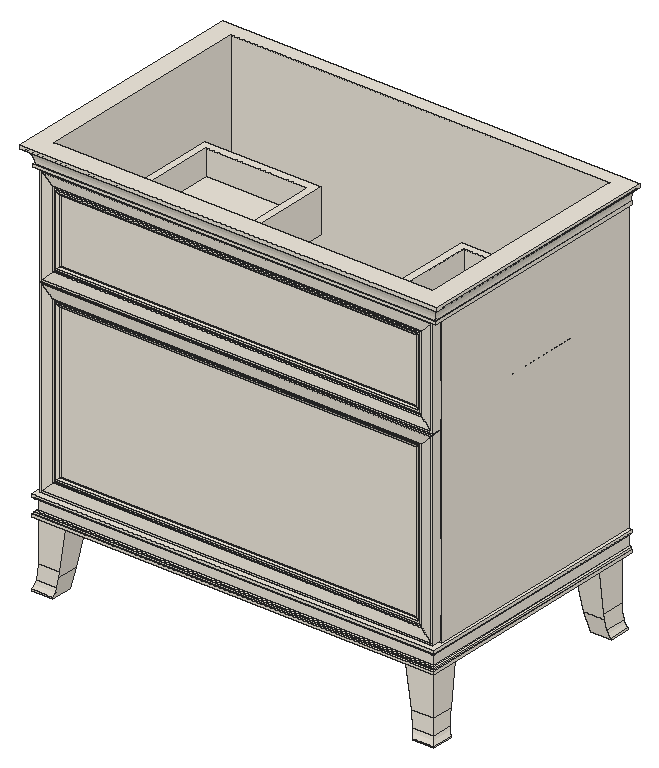
Revit family "Furniture-Floor_Mount-Vanity-KOHLER-HARKEN -K-33559", category Casework, host Face, Revit 2017
Family settings
  Host = Face
  OmniClass Number = 23.21.19.00
  OmniClass Title = Casework
  Cut with Voids When Loaded = No
  Shared = No
  Room Calculation Point = No
Parameters (values of type "1WA-Linen White")
  Width = 35.98425"  # constant formula
  WaterSense Certified = 1 = 0  # no
  URL = "https://www.us.kohler.com/us/"
  Type = 1
  Product Page URL = "http://www.us.kohler.com/us/catalog/productDetails.jsp?productId=33559-1WA"
  Product Name = "HARKEN"  # constant formula
  Product Documentation Link = "https://www.us.kohler.com/webassets/kpna/catalog/pdf/en/K-33559_spec.pdf"
  Model = if(Type = 1, "K-33559-1WA", if(Type = 2, "K-33559-1WX", "NA"))  # "K-33559-1WA"
  Material = "Solid Wood"  # constant formula
  Master Format 2014 Name = "Bathroom Casework"  # constant formula
  Master Format 2014 = "12 35 30.23"  # constant formula
  Manufacturer Address = "KOHLER Co.\n444 Highland Dr.\nKohler, WI 53044"  # constant formula
  Manufacturer = "KOHLER Co."  # constant formula
  Product Finish = Kohler-Wood-1WA-Linen_White
  Height = 34.48819"  # constant formula
  Hardware Included = 0 = 1  # no
  Finish = if(Type = 1, "Kohler-Wood-1WA-Linen White", if(Type = 2, "Kohler-Wood-1WX-New_Dark_Grey", "NA"))  # "Kohler-Wood-1WA-Linen White"
  Environmental Product Declaration = ""
  Description = "VANITY 36 INCHES"  # constant formula
  Depth = 21.88976"  # constant formula
  Default Elevation = 0"
  Declare Label = ""
  Date Modified = "02/17/2021"  # constant formula
  Date Created = "02/17/2021"  # constant formula
  Copyright = "Copyright KOHLER Co."  # constant formula
  Contact Us = "https://www.us.kohler.com/us/static/contact.jsp"
  Construction Type = "Floor Mount"  # constant formula
  Assembly Code = "E2010.30"
  ADA Compliant = 1 = 0  # no
Reference planes (in)
  plane 1 "Center (Front/Back)": y = 0
  plane 2: z = 0
  plane 3 "Center (Left/Right)": x = 0
  plane 4: y = 10.94488
  plane 5: y = -10.94488
  plane 6: z = 34.48819
  plane 7: x = -17.99213
  plane 8: x = 17.99213
  plane 9: z = 5.70844
  plane 10: x = -16.44882
  plane 11: x = 16.44882
  plane 12: y = 9.40157
  plane 13: y = -9.40157
Dimensions and locks (in)
  "Height": plane 6 to level
  "Width": plane 7 to plane 8
  "Depth": plane 5 to plane 4
  locked: plane 9 to level at 5.70844
  locked: plane 11 to plane 10 at 32.89764
  locked: plane 12 to plane 13 at 18.80315
  aligned and locked: plane 2 to host face
  aligned and locked: level to host face
Automatic sketch dimensions
  host sketch curve to host sketch curve = 96"  (x2)
Nested families (in)
  nested 1: "K-33559" at (0, 0, 0), type "K-33559"
Definition of nested family "K-33559"
  Parameters (values of type "K-33559")
    Material = none
  Reference planes (in)
    plane 1 "Center (Front/Back)": y = 0
    plane 2: z = 0
    plane 3 "Center (Left/Right)": x = 0
    plane 4: z = 34.48797
    plane 5: z = 5.70844
    plane 6: y = 10.94488
    plane 7: y = -10.94488
  Forms (in)
    Sweep 1, solid, material <- "Material", detail levels medium+fine
      path origin (0, 0, 0) x (1, 0, 0) y (0, 1, 0)
        loop
          line (-17.99213, 10.90551) -> (-17.99213, -10.94488) -> (17.99213, -10.94488) -> (17.99213, 10.90551)
      profile origin (0, -10.94488, 0) x (0, 1, 0) y (0, 0, 1)
        loop
          line (0, 34.48797) -> (0, 34.17301)
          arc (0, 34.17301) -> (0.55233, 33.64898) -> (0.74803, 32.91319) r 1.39763
          line (0.74803, 32.91319) -> (0.62992, 32.91319) -> (0.62992, 32.67697) -> (3.30709, 32.67697) -> (3.30709, 34.48797) -> (0, 34.48797)
        loop
          line (3.30709, 7.51946) -> (0.47244, 7.51946) -> (0.47244, 7.28324) -> (0.59059, 7.28324) -> (0.59059, 7.16513)
          arc (0.59059, 7.16513) -> (0.64106, 7.11349) -> (0.66929, 7.04702) r 0.19515
          line (0.66929, 7.04702) -> (0.78744, 7.04702) -> (0.78744, 6.18088) -> (0.66929, 6.18088)
          arc (0.66929, 6.18088) -> (0.6411, 6.11439) -> (0.59059, 6.06277) r 0.19455
          line (0.59059, 6.06277) -> (0.59059, 5.94466) -> (0.47244, 5.94466) -> (0.47244, 5.70844) -> (3.30709, 5.70844) -> (3.30709, 7.51946)
    Extrusion 2, solid, material <- "Material", detail levels medium+fine
      sketch origin (0, 0, 0) x (1, 0, 0) y (0, 0, 1)
        loop
          line (17.04724, 34.48797) -> (-17.04724, 34.48797) -> (-17.04724, 5.70844) -> (17.04724, 5.70844) -> (17.04724, 34.48797)
      from -10.90551 to 9.2126
    Extrusion 3, solid, material <- "Material", detail levels medium+fine
      sketch origin (0, 0, 0) x (1, 0, 0) y (0, 1, 0)
        loop
          line (17.4724, -10.71174) -> (17.4724, -7.56213) -> (14.51964, -7.56213) -> (14.51964, -10.71174) -> (17.4724, -10.71174)
      from 0 to 5.47244
    Extrusion 4, void
      sketch origin (0, 0, 0) x (0, 1, 0) y (0, 0, 1)
        loop
          arc (-10.15744, 2.07893) -> (-10.17814, 1.43081) -> (-10.24015, 0.78533) r 10.15706
          arc (-10.24015, 0.78533) -> (-10.32158, 0.43964) -> (-10.4724, 0.11812) r 1.71658
          line (-10.4724, 0.11812) -> (-10.4724, 0) -> (-8.66137, 0)
          arc (-8.66137, 0) -> (-8.47829, 0.78501) -> (-8.34234, 1.57954) r 13.51115
          line (-8.34234, 1.57954) -> (-7.79523, 5.47244) -> (-10.15744, 5.47244) -> (-10.15744, 2.07893)
        loop
          line (-11.03327, 6.20504) -> (-11.03327, -0.48788) -> (-7.09626, -0.48788) -> (-7.09626, 6.20504) -> (-11.03327, 6.20504)
      from -18.94195 to 21.82375
    Extrusion 5, solid, material <- "Material", detail levels medium+fine
      sketch origin (0, 0, 0) x (-1, 0, 0) y (0, -1, 0)
        loop
          line (17.4724, 10.71174) -> (14.51964, 10.71174) -> (14.51964, 7.56213) -> (17.4724, 7.56213) -> (17.4724, 10.71174)
      from 0 to 5.47244
    Extrusion 6, solid, material <- "Material", detail levels medium+fine
      sketch origin (0, 0, 0) x (-1, 0, 0) y (0, -1, 0)
        loop
          line (17.4724, -10.71174) -> (17.4724, -7.56213) -> (14.51964, -7.56213) -> (14.51964, -10.71174) -> (17.4724, -10.71174)
      from 0 to 5.47244
    Extrusion 7, solid, material <- "Material", detail levels medium+fine
      sketch origin (0, 0, 0) x (1, 0, 0) y (0, 1, 0)
        loop
          line (17.4724, 10.71174) -> (14.51964, 10.71174) -> (14.51964, 7.56213) -> (17.4724, 7.56213) -> (17.4724, 10.71174)
      from 0 to 5.47244
    Extrusion 8, void
      sketch origin (0, 0, 0) x (0, 1, 0) y (0, 0, 1)
        loop
          line (10.15744, 2.07893) -> (10.15744, 5.47244) -> (7.79523, 5.47244) -> (8.34234, 1.57954)
          arc (8.34234, 1.57954) -> (8.47829, 0.78501) -> (8.66137, 0) r 13.51115
          line (8.66137, 0) -> (10.4724, 0) -> (10.4724, 0.11812)
          arc (10.4724, 0.11812) -> (10.32158, 0.43964) -> (10.24015, 0.78533) r 1.71658
          arc (10.24015, 0.78533) -> (10.17814, 1.43081) -> (10.15744, 2.07893) r 10.15706
        loop
          line (11.03327, 6.20504) -> (7.09626, 6.20504) -> (7.09626, -0.48788) -> (11.03327, -0.48788) -> (11.03327, 6.20504)
      from -20.28395 to 19.95127
    Extrusion 9, void
      sketch origin (0, 0, 0) x (1, 0, 0) y (0, 0, 1)
        loop
          arc (-17.04728, 2.07893) -> (-17.06436, 1.43058) -> (-17.13, 0.78533) r 8.64397
          arc (-17.13, 0.78533) -> (-17.21331, 0.4403) -> (-17.36224, 0.11811) r 1.81328
          line (-17.36224, 0.11811) -> (-17.36224, 0) -> (-15.55122, 0)
          arc (-15.55122, 0) -> (-15.36814, 0.78501) -> (-15.23219, 1.57954) r 13.51115
          line (-15.23219, 1.57954) -> (-14.68508, 5.47244) -> (-17.04728, 5.47244) -> (-17.04728, 2.07893)
        loop
          line (-17.75632, 6.28511) -> (-17.75632, -0.60465) -> (-14.21302, -0.60465) -> (-14.21302, 6.28511) -> (-17.75632, 6.28511)
      from -11.76549 to 11.15024
    Extrusion 10, void
      sketch origin (0, 0, 0) x (1, 0, 0) y (0, 0, 1)
        loop
          line (17.04728, 2.07893) -> (17.04728, 5.47244) -> (14.68508, 5.47244) -> (15.23219, 1.57954)
          arc (15.23219, 1.57954) -> (15.36814, 0.78501) -> (15.55122, 0) r 13.51115
          line (15.55122, 0) -> (17.36224, 0) -> (17.36224, 0.11811)
          arc (17.36224, 0.11811) -> (17.21331, 0.4403) -> (17.13, 0.78533) r 1.81328
          arc (17.13, 0.78533) -> (17.06436, 1.43058) -> (17.04728, 2.07893) r 8.64397
        loop
          line (17.75632, 6.28511) -> (14.21302, 6.28511) -> (14.21302, -0.60465) -> (17.75632, -0.60465) -> (17.75632, 6.28511)
      from -11.76549 to 11.15024
    Extrusion 11, solid, material <- "Material", detail levels medium+fine
      sketch origin (0, 0, 0) x (1, 0, 0) y (0, 1, 0)
        loop
          line (-14.51395, -10.15744) -> (-12.84362, -8.48711)
          arc (-12.84362, -8.48711) -> (-12.78596, -8.34791) -> (-12.84362, -8.20872) r 0.19685
          line (-12.84362, -8.20872) -> (-15.09856, -5.95377)
          arc (-15.09856, -5.95377) -> (-15.23776, -5.89611) -> (-15.37695, -5.95377) r 0.19685
          line (-15.37695, -5.95377) -> (-17.04728, -7.6241) -> (-17.04728, -10.15744) -> (-14.51395, -10.15744)
        loop
          line (14.51395, -10.15744) -> (17.04728, -10.15744) -> (17.04728, -7.6241) -> (15.37695, -5.95377)
          arc (15.37695, -5.95377) -> (15.23776, -5.89611) -> (15.09856, -5.95377) r 0.19685
          line (15.09856, -5.95377) -> (12.84362, -8.20872)
          arc (12.84362, -8.20872) -> (12.78596, -8.34791) -> (12.84362, -8.48711) r 0.19685
          line (12.84362, -8.48711) -> (14.51395, -10.15744)
        loop
          line (14.51395, 10.15744) -> (12.84362, 8.48711)
          arc (12.84362, 8.48711) -> (12.78596, 8.34791) -> (12.84362, 8.20872) r 0.19685
          line (12.84362, 8.20872) -> (15.09856, 5.95377)
          arc (15.09856, 5.95377) -> (15.23776, 5.89611) -> (15.37695, 5.95377) r 0.19685
          line (15.37695, 5.95377) -> (17.04728, 7.6241) -> (17.04728, 10.15744) -> (14.51395, 10.15744)
        loop
          line (-14.51395, 10.15744) -> (-17.04728, 10.15744) -> (-17.04728, 7.6241) -> (-15.37695, 5.95377)
          arc (-15.37695, 5.95377) -> (-15.23776, 5.89611) -> (-15.09856, 5.95377) r 0.19685
          line (-15.09856, 5.95377) -> (-12.84362, 8.20872)
          arc (-12.84362, 8.20872) -> (-12.78596, 8.34791) -> (-12.84362, 8.48711) r 0.19685
          line (-12.84362, 8.48711) -> (-14.51395, 10.15744)
      from 5.47244 to 5.70844
    Sweep 12, solid, material <- "Material", detail levels medium+fine
      path origin (0, 0, 0) x (1, 0, 0) y (0, 0, 1)
        loop
          line (16.92924, 32.55897) -> (-16.92924, 32.55897) -> (-16.92924, 23.97629) -> (16.92924, 23.97629) -> (16.92924, 32.55897)
      profile origin (0, 0, 32.55897) x (0, 0, -1) y (0, -1, 0)
        loop
          line (0, 9.3306) -> (3.93701, 9.3306) -> (3.93701, 9.8026) -> (1.53561, 9.8026) -> (1.49606, 9.90146) -> (1.29921, 9.99989) -> (1.1811, 9.99989) -> (1.16142, 9.88178) -> (1.00394, 9.88178) -> (0.98425, 9.99989) -> (0.11811, 10.118) -> (0, 10.118) -> (0, 9.3306)
    Sweep 13, solid, material <- "Material", detail levels medium+fine
      path origin (0, 0, 0) x (1, 0, 0) y (0, 0, 1)
        loop
          line (16.92924, 23.85829) -> (-16.92924, 23.85829) -> (-16.92924, 7.63782) -> (16.92924, 7.63782) -> (16.92924, 23.85829)
      profile origin (0, 0, 23.85829) x (0, 0, -1) y (0, -1, 0)
        loop
          line (-0.00004, 9.3306) -> (6.69287, 9.3306) -> (6.69287, 9.8026) -> (1.53557, 9.8026) -> (1.49602, 9.90146) -> (1.29917, 9.99989) -> (1.18106, 9.99989) -> (1.16137, 9.88178) -> (1.00389, 9.88178) -> (0.98421, 9.99989) -> (0.11807, 10.118) -> (-0.00004, 10.118) -> (-0.00004, 9.3306)
    Extrusion 14, solid, material <- "Material", detail levels medium+fine
      sketch origin (0, 0, 0) x (1, 0, 0) y (0, 0, 1)
        loop
          line (-12.99224, 28.62196) -> (-12.99224, 27.9133) -> (12.99224, 27.9133) -> (12.99224, 28.62196) -> (-12.99224, 28.62196)
      from 9.3306 to 9.8026
    Extrusion 15, solid, material <- "Material", detail levels medium+fine
      sketch origin (0, 0, 0) x (1, 0, 0) y (0, 0, 1)
        loop
          line (-10.23637, 14.33069) -> (10.23637, 14.33069) -> (10.23637, 17.16542) -> (-10.23637, 17.16542) -> (-10.23637, 14.33069)
      from 9.3306 to 9.8026
    Extrusion 16, solid, material <- "Material", detail levels medium+fine
      sketch origin (0, 0, 0) x (0, 1, 0) y (0, 0, 1)
        loop
          line (-9.3306, 27.63633) -> (-9.3306, 24.76369) -> (-9.2126, 24.76369) -> (-9.2126, 27.71645) -> (-9.25048, 27.71645)
          arc (-9.25048, 27.71645) -> (-9.30713, 27.69298) -> (-9.3306, 27.63633) r 0.08011
        loop
          line (-9.3306, 15.43334) -> (-9.3306, 9.60682) -> (-9.2126, 9.60682) -> (-9.2126, 15.51233) -> (-9.25161, 15.51233)
          arc (-9.25161, 15.51233) -> (-9.30746, 15.4892) -> (-9.3306, 15.43334) r 0.07899
      from -16.92929 to 16.92929
    Extrusion 17, void
      sketch origin (0, 0, 0) x (1, 0, 0) y (0, 1, 0)
        loop
          line (-16.33858, -9.3306) -> (16.33858, -9.3306) -> (16.33858, 9.72441) -> (-16.33858, 9.72441) -> (-16.33858, -9.3306)
      from 8.22813 to 41.76718
    Extrusion 18, solid, material <- "Material"
      sketch origin (0, 0, 0) x (1, 0, 0) y (0, 1, 0)
        loop
          line (16.10235, -9.2126) -> (16.10235, 8.5828) -> (6.10236, 8.5828) -> (-16.10235, 8.5828) -> (-16.10235, -9.2126) -> (-6.10236, -9.2126) -> (6.10236, -9.2126) -> (16.10235, -9.2126)
        loop
          line (6.10236, 7.99225) -> (-6.10236, 7.99225) -> (-6.10236, -8.74005) -> (6.10236, -8.74005) -> (6.10236, 7.99225)
        loop
          line (15.5118, 7.99225) -> (6.69291, 7.99225) -> (6.69291, -8.74005) -> (15.5118, -8.74005) -> (15.5118, 7.99225)
        loop
          line (-15.5118, 7.99225) -> (-15.5118, -8.74005) -> (-6.69291, -8.74005) -> (-6.69291, 7.99225) -> (-15.5118, 7.99225)
      from 9.60682 to 15.51233
    Extrusion 19, void
      sketch origin (0, 0, 0) x (1, 0, 0) y (0, 0, 1)
        loop
          line (6.10236, 13.42572) -> (6.10236, 16.94878) -> (-6.10236, 16.94878) -> (-6.10236, 13.42569)
          arc (-6.10236, 13.42569) -> (-5.964, 13.09164) -> (-5.62995, 12.95328) r 0.47241
          line (-5.62995, 12.95328) -> (5.62992, 12.95328)
          arc (5.62992, 12.95328) -> (5.96399, 13.09165) -> (6.10236, 13.42572) r 0.47244
      from -11.0342 to 8.74005
    Extrusion 20, solid, material <- "Material", detail levels medium+fine
      sketch origin (0, 0, 0) x (1, 0, 0) y (0, 0, 1)
        loop
          line (16.3157, 8.93679) -> (15.62992, 8.93679) -> (15.62992, 8.22813) -> (16.3157, 8.22813) -> (16.3157, 8.93679)
      from -9.64588 to -3.73988
    Extrusion 21, solid, material <- "Material", detail levels medium+fine
      sketch origin (0, 0, 0) x (1, 0, 0) y (0, 0, -1)
        loop
          line (16.3157, -8.93679) -> (16.3157, -8.22813) -> (15.62992, -8.22813) -> (15.62992, -8.93679) -> (16.3157, -8.93679)
      from -7.24512 to -1.33912
    Extrusion 22, solid, material <- "Material", detail levels medium+fine
      sketch origin (0, 0, 0) x (1, 0, 0) y (0, 0, 1)
        loop
          line (14.90294, 9.03497) -> (16.14961, 9.03497)
          arc (16.14961, 9.03497) -> (16.24625, 9.06155) -> (16.3157, 9.13381) r 0.18898
          line (16.3157, 9.13381) -> (16.3157, 10.90505) -> (16.26772, 10.90505) -> (16.26772, 10.80859) -> (16.22835, 10.75741) -> (16.22835, 9.7141) -> (16.26772, 9.66292) -> (16.26772, 9.22179)
          arc (16.26772, 9.22179) -> (16.23375, 9.1398) -> (16.15176, 9.10583) r 0.11596
          line (16.15176, 9.10583) -> (14.9012, 9.10583)
          arc (14.9012, 9.10583) -> (14.87363, 9.11726) -> (14.8622, 9.14483) r 0.039
          line (14.8622, 9.14483) -> (14.8622, 9.20052) -> (14.79134, 9.20052) -> (14.79134, 9.14657)
          arc (14.79134, 9.14657) -> (14.82402, 9.06765) -> (14.90294, 9.03497) r 0.1116
      from -6.27572 to 8.68098
    Extrusion 23, solid, material <- "Material", detail levels medium+fine
      sketch origin (0, 0, 0) x (1, 0, 0) y (0, 0, 1)
        loop
          line (15.27638, 9.39422) -> (14.55197, 9.39422) -> (14.55197, 9.28652)
          arc (14.55197, 9.28652) -> (14.5439, 9.26705) -> (14.52443, 9.25898) r 0.02754
          line (14.52443, 9.25898) -> (14.30394, 9.25898) -> (14.30394, 9.20052) -> (15.27638, 9.20052) -> (15.27638, 9.39422)
      from -8.75997 to -7.99225
    Extrusion 24, solid, material <- "Material", detail levels medium+fine
      sketch origin (0, 0, 0) x (1, 0, 0) y (0, 0, 1)
        loop
          line (14.32874, 9.39422) -> (15.49803, 9.39422) -> (15.49803, 10.01423)
          arc (15.49803, 10.01423) -> (15.47898, 10.06021) -> (15.433, 10.07926) r 0.06503
          line (15.433, 10.07926) -> (14.39689, 10.07926)
          arc (14.39689, 10.07926) -> (14.3487, 10.0593) -> (14.32874, 10.01111) r 0.06815
          line (14.32874, 10.01111) -> (14.32874, 9.39422)
      from -8.93713 to -7.99225
    Extrusion 25, solid, material <- "Material", detail levels medium+fine
      sketch origin (0, 0, 0) x (1, 0, 0) y (0, 0, 1)
        loop
          line (15.39961, 10.58123) -> (15.21047, 10.6206)
          arc (15.21047, 10.6206) -> (14.70146, 10.39422) -> (15.21047, 10.16784) r 0.30485
          line (15.21047, 10.16784) -> (15.39961, 10.20721) -> (15.50693, 10.20721) -> (15.59142, 10.39422) -> (15.50693, 10.58123) -> (15.39961, 10.58123)
      from -8.93713 to -8.7082
    Extrusion 26, solid, material <- "Material", detail levels medium+fine
      sketch origin (0, 0, 0) x (1, 0, 0) y (0, 0, 1)
        loop
          line (15.30118, 10.73674) -> (14.57283, 10.73674) -> (14.57283, 10.07926) -> (15.43898, 10.07926) -> (15.43898, 10.61076) -> (15.30118, 10.61076) -> (15.30118, 10.73674)
      from -8.87749 to -8.46425
    Extrusion 27, solid, material <- "Material", detail levels medium+fine
      sketch origin (0, 0, 0) x (-1, 0, 0) y (0, 0, -1)
        loop
          arc (14.90294, -9.03497) -> (14.82402, -9.06765) -> (14.79134, -9.14657) r 0.1116
          line (14.79134, -9.14657) -> (14.79134, -9.20052) -> (14.8622, -9.20052) -> (14.8622, -9.14483)
          arc (14.8622, -9.14483) -> (14.87363, -9.11726) -> (14.9012, -9.10583) r 0.039
          line (14.9012, -9.10583) -> (16.15176, -9.10583)
          arc (16.15176, -9.10583) -> (16.23375, -9.1398) -> (16.26772, -9.22179) r 0.11596
          line (16.26772, -9.22179) -> (16.26772, -9.66292) -> (16.22835, -9.7141) -> (16.22835, -10.75741) -> (16.26772, -10.80859) -> (16.26772, -10.90505) -> (16.3157, -10.90505) -> (16.3157, -9.13381)
          arc (16.3157, -9.13381) -> (16.24625, -9.06155) -> (16.14961, -9.03497) r 0.18898
          line (16.14961, -9.03497) -> (14.90294, -9.03497)
      from -6.27572 to 8.68098
    Extrusion 28, solid, material <- "Material", detail levels medium+fine
      sketch origin (0, 0, 0) x (-1, 0, 0) y (0, 0, -1)
        loop
          line (15.27638, -9.39422) -> (15.27638, -9.20052) -> (14.30394, -9.20052) -> (14.30394, -9.25898) -> (14.52443, -9.25898)
          arc (14.52443, -9.25898) -> (14.5439, -9.26705) -> (14.55197, -9.28652) r 0.02754
          line (14.55197, -9.28652) -> (14.55197, -9.39422) -> (15.27638, -9.39422)
      from -8.75997 to -7.99225
    Extrusion 29, solid, material <- "Material", detail levels medium+fine
      sketch origin (0, 0, 0) x (-1, 0, 0) y (0, 0, -1)
        loop
          line (14.32874, -9.39422) -> (14.32874, -10.01111)
          arc (14.32874, -10.01111) -> (14.3487, -10.0593) -> (14.39689, -10.07926) r 0.06815
          line (14.39689, -10.07926) -> (15.433, -10.07926)
          arc (15.433, -10.07926) -> (15.47898, -10.06021) -> (15.49803, -10.01423) r 0.06503
          line (15.49803, -10.01423) -> (15.49803, -9.39422) -> (14.32874, -9.39422)
      from -8.93713 to -7.99225
    Extrusion 30, solid, material <- "Material", detail levels medium+fine
      sketch origin (0, 0, 0) x (-1, 0, 0) y (0, 0, -1)
        loop
          line (15.39961, -10.58123) -> (15.50693, -10.58123) -> (15.59142, -10.39422) -> (15.50693, -10.20721) -> (15.39961, -10.20721) -> (15.21047, -10.16784)
          arc (15.21047, -10.16784) -> (14.70146, -10.39422) -> (15.21047, -10.6206) r 0.30485
          line (15.21047, -10.6206) -> (15.39961, -10.58123)
      from -8.93713 to -8.7082
    Extrusion 31, solid, material <- "Material", detail levels medium+fine
      sketch origin (0, 0, 0) x (-1, 0, 0) y (0, 0, -1)
        loop
          line (15.30118, -10.73674) -> (15.30118, -10.61076) -> (15.43898, -10.61076) -> (15.43898, -10.07926) -> (14.57283, -10.07926) -> (14.57283, -10.73674) -> (15.30118, -10.73674)
      from -8.87749 to -8.46425
    Extrusion 32, solid, material <- "Material"
      sketch origin (0, 0, 0) x (1, 0, 0) y (0, 1, 0)
        loop
          line (16.10235, -9.2126) -> (16.10235, 6.6143) -> (6.10236, 6.6143) -> (6.10236, -2.63769) -> (-6.10236, -2.63769) -> (-6.10236, 6.6143) -> (-16.10235, 6.6143) -> (-16.10235, -9.2126) -> (-6.10236, -9.2126) -> (6.10236, -9.2126) -> (16.10235, -9.2126)
        loop
          line (15.5118, 6.02375) -> (6.69291, 6.02375) -> (6.69291, -8.74005) -> (15.5118, -8.74005) -> (15.5118, 6.02375)
        loop
          line (6.10236, -8.74005) -> (6.10236, -3.22824) -> (-6.10236, -3.22824) -> (-6.10236, -8.74005) -> (6.10236, -8.74005)
        loop
          line (-15.5118, 6.02375) -> (-15.5118, -8.74005) -> (-6.69291, -8.74005) -> (-6.69291, 6.02375) -> (-15.5118, 6.02375)
      from 23.97629 to 27.66398
    Extrusion 33, solid, material <- "Material"
      sketch origin (0, 0, 0) x (1, 0, 0) y (0, 1, 0)
        loop
          line (15.5118, 6.02375) -> (6.69291, 6.02375) -> (6.69291, -8.74005) -> (15.5118, -8.74005) -> (15.5118, 6.02375)
        loop
          line (6.10236, -8.74005) -> (6.10236, -3.22824) -> (-6.10236, -3.22824) -> (-6.10236, -8.74005) -> (6.10236, -8.74005)
        loop
          line (-15.5118, 6.02375) -> (-15.5118, -8.74005) -> (-6.69291, -8.74005) -> (-6.69291, 6.02375) -> (-15.5118, 6.02375)
      from 25.15739 to 25.47235
    Extrusion 34, solid, material <- "Material"
      sketch origin (0, 0, 0) x (1, 0, 0) y (0, 1, 0)
        loop
          line (6.10236, 7.99225) -> (-6.10236, 7.99225) -> (-6.10236, -8.74005) -> (6.10236, -8.74005) -> (6.10236, 7.99225)
        loop
          line (15.5118, 7.99225) -> (6.69291, 7.99225) -> (6.69291, -8.74005) -> (15.5118, -8.74005) -> (15.5118, 7.99225)
        loop
          line (-15.5118, 7.99225) -> (-15.5118, -8.74005) -> (-6.69291, -8.74005) -> (-6.69291, 7.99225) -> (-15.5118, 7.99225)
      from 10.07926 to 10.2958
    Extrusion 35, solid, material <- "Material"
      sketch origin (0, 0, 15.11747) x (1, 0, 0) y (0, 0, 1)
        loop
          line (14.90294, 9.03497) -> (16.14961, 9.03497)
          arc (16.14961, 9.03497) -> (16.24625, 9.06155) -> (16.3157, 9.13381) r 0.18898
          line (16.3157, 9.13381) -> (16.3157, 10.90505) -> (16.26772, 10.90505) -> (16.26772, 10.80859) -> (16.22835, 10.75741) -> (16.22835, 9.7141) -> (16.26772, 9.66292) -> (16.26772, 9.22179)
          arc (16.26772, 9.22179) -> (16.23375, 9.1398) -> (16.15176, 9.10583) r 0.11596
          line (16.15176, 9.10583) -> (14.9012, 9.10583)
          arc (14.9012, 9.10583) -> (14.87363, 9.11726) -> (14.8622, 9.14483) r 0.039
          line (14.8622, 9.14483) -> (14.8622, 9.20052) -> (14.79134, 9.20052) -> (14.79134, 9.14657)
          arc (14.79134, 9.14657) -> (14.82402, 9.06765) -> (14.90294, 9.03497) r 0.1116
      from -5.58126 to 8.03274
    Extrusion 36, solid, material <- "Material", detail levels medium+fine
      sketch origin (0, 0, 15.11747) x (1, 0, 0) y (0, 0, 1)
        loop
          line (15.27638, 9.39422) -> (14.55197, 9.39422) -> (14.55197, 9.28652)
          arc (14.55197, 9.28652) -> (14.5439, 9.26705) -> (14.52443, 9.25898) r 0.02754
          line (14.52443, 9.25898) -> (14.30394, 9.25898) -> (14.30394, 9.20052) -> (15.27638, 9.20052) -> (15.27638, 9.39422)
      from -6.79009 to -6.6143
    Extrusion 37, solid, material <- "Material", detail levels medium+fine
      sketch origin (0, 0, 15.11747) x (1, 0, 0) y (0, 0, 1)
        loop
          line (14.32874, 9.39422) -> (15.49803, 9.39422) -> (15.49803, 10.01423)
          arc (15.49803, 10.01423) -> (15.47898, 10.06021) -> (15.433, 10.07926) r 0.06503
          line (15.433, 10.07926) -> (14.39689, 10.07926)
          arc (14.39689, 10.07926) -> (14.3487, 10.0593) -> (14.32874, 10.01111) r 0.06815
          line (14.32874, 10.01111) -> (14.32874, 9.39422)
      from -6.96726 to -6.6143
    Extrusion 38, solid, material <- "Material", detail levels medium+fine
      sketch origin (0, 0, 15.11747) x (1, 0, 0) y (0, 0, 1)
        loop
          line (15.39961, 10.58123) -> (15.21047, 10.6206)
          arc (15.21047, 10.6206) -> (14.70146, 10.39422) -> (15.21047, 10.16784) r 0.30485
          line (15.21047, 10.16784) -> (15.39961, 10.20721) -> (15.50693, 10.20721) -> (15.59142, 10.39422) -> (15.50693, 10.58123) -> (15.39961, 10.58123)
      from -6.96726 to -6.90899
    Extrusion 39, solid, material <- "Material", detail levels medium+fine
      sketch origin (0, 0, 15.11747) x (1, 0, 0) y (0, 0, 1)
        loop
          line (15.30118, 10.73674) -> (14.57283, 10.73674) -> (14.57283, 10.07926) -> (15.43898, 10.07926) -> (15.43898, 10.61076) -> (15.30118, 10.61076) -> (15.30118, 10.73674)
      from -6.90899 to -6.6143
    Extrusion 40, solid, material <- "Material", detail levels medium+fine
      sketch origin (0, 0, 15.11747) x (-1, 0, 0) y (0, 0, -1)
        loop
          line (14.32874, -9.39422) -> (14.32874, -10.01111)
          arc (14.32874, -10.01111) -> (14.3487, -10.0593) -> (14.39689, -10.07926) r 0.06815
          line (14.39689, -10.07926) -> (15.433, -10.07926)
          arc (15.433, -10.07926) -> (15.47898, -10.06021) -> (15.49803, -10.01423) r 0.06503
          line (15.49803, -10.01423) -> (15.49803, -9.39422) -> (14.32874, -9.39422)
      from -6.96726 to -6.6143
    Extrusion 41, solid, material <- "Material", detail levels medium+fine
      sketch origin (0, 0, 15.11747) x (-1, 0, 0) y (0, 0, -1)
        loop
          line (15.27638, -9.39422) -> (15.27638, -9.20052) -> (14.30394, -9.20052) -> (14.30394, -9.25898) -> (14.52443, -9.25898)
          arc (14.52443, -9.25898) -> (14.5439, -9.26705) -> (14.55197, -9.28652) r 0.02754
          line (14.55197, -9.28652) -> (14.55197, -9.39422) -> (15.27638, -9.39422)
      from -6.79009 to -6.6143
    Extrusion 42, solid, material <- "Material", detail levels medium+fine
      sketch origin (0, 0, 15.11747) x (-1, 0, 0) y (0, 0, -1)
        loop
          line (15.30118, -10.73674) -> (15.30118, -10.61076) -> (15.43898, -10.61076) -> (15.43898, -10.07926) -> (14.57283, -10.07926) -> (14.57283, -10.73674) -> (15.30118, -10.73674)
      from -6.90899 to -6.6143
    Extrusion 43, solid, material <- "Material", detail levels medium+fine
      sketch origin (0, 0, 15.11747) x (-1, 0, 0) y (0, 0, -1)
        loop
          line (15.39961, -10.58123) -> (15.50693, -10.58123) -> (15.59142, -10.39422) -> (15.50693, -10.20721) -> (15.39961, -10.20721) -> (15.21047, -10.16784)
          arc (15.21047, -10.16784) -> (14.70146, -10.39422) -> (15.21047, -10.6206) r 0.30485
          line (15.21047, -10.6206) -> (15.39961, -10.58123)
      from -6.96726 to -6.90899
    Extrusion 44, solid, material <- "Material"
      sketch origin (0, 0, 15.11747) x (-1, 0, 0) y (0, 0, -1)
        loop
          arc (14.90294, -9.03497) -> (14.82402, -9.06765) -> (14.79134, -9.14657) r 0.1116
          line (14.79134, -9.14657) -> (14.79134, -9.20052) -> (14.8622, -9.20052) -> (14.8622, -9.14483)
          arc (14.8622, -9.14483) -> (14.87363, -9.11726) -> (14.9012, -9.10583) r 0.039
          line (14.9012, -9.10583) -> (16.15176, -9.10583)
          arc (16.15176, -9.10583) -> (16.23375, -9.1398) -> (16.26772, -9.22179) r 0.11596
          line (16.26772, -9.22179) -> (16.26772, -9.66292) -> (16.22835, -9.7141) -> (16.22835, -10.75741) -> (16.26772, -10.80859) -> (16.26772, -10.90505) -> (16.3157, -10.90505) -> (16.3157, -9.13381)
          arc (16.3157, -9.13381) -> (16.24625, -9.06155) -> (16.14961, -9.03497) r 0.18898
          line (16.14961, -9.03497) -> (14.90294, -9.03497)
      from -5.58126 to 8.03274
    Extrusion 45, void
      sketch origin (0, 0, 0) x (1, 0, 0) y (0, 0, 1)
        loop
          line (-17.36224, 7.51946) -> (-17.75594, 7.51946) -> (-17.75594, 5.70844) -> (-17.3622, 5.70844) -> (-17.3622, 5.94466) -> (-17.24413, 5.94466) -> (-17.24413, 6.06277)
          arc (-17.24413, 6.06277) -> (-17.19208, 6.11337) -> (-17.16539, 6.18088) r 0.17281
          line (-17.16539, 6.18088) -> (-17.04728, 6.18088) -> (-17.04728, 7.04702) -> (-17.16539, 7.04702)
          arc (-17.16539, 7.04702) -> (-17.19185, 7.11469) -> (-17.24413, 7.16513) r 0.17007
          line (-17.24413, 7.16513) -> (-17.24413, 7.28324) -> (-17.36224, 7.28324) -> (-17.36224, 7.51946)
        loop
          line (17.36224, 7.51946) -> (17.36224, 7.28324) -> (17.24413, 7.28324) -> (17.24413, 7.16513)
          arc (17.24413, 7.16513) -> (17.19185, 7.11469) -> (17.16539, 7.04702) r 0.17007
          line (17.16539, 7.04702) -> (17.04728, 7.04702) -> (17.04728, 6.18088) -> (17.16539, 6.18088)
          arc (17.16539, 6.18088) -> (17.19208, 6.11337) -> (17.24413, 6.06277) r 0.17281
          line (17.24413, 6.06277) -> (17.24413, 5.94466) -> (17.3622, 5.94466) -> (17.3622, 5.70844) -> (17.75594, 5.70844) -> (17.75594, 7.51946) -> (17.36224, 7.51946)
      from -12.34879 to 16.55357
    Sweep 46, solid, material <- "Material", detail levels coarse
      path origin (0, 0, 0) x (1, 0, 0) y (0, 1, 0)
        loop
          line (-17.99213, 10.90551) -> (-17.99213, -10.94488) -> (17.99213, -10.94488) -> (17.99213, 10.90551)
      profile origin (0, -10.94488, 0) x (0, 1, 0) y (0, 0, 1)
        loop
          line (0, 34.48797) -> (0, 34.17301) -> (0.74803, 32.91319) -> (0.62992, 32.91319) -> (0.62992, 32.67697) -> (6.29921, 32.67697) -> (6.29921, 34.48797) -> (0, 34.48797)
        loop
          line (3.93701, 7.51946) -> (0.47244, 7.51946) -> (0.47244, 7.28324) -> (0.59059, 7.28324) -> (0.59059, 7.05034) -> (0.78744, 7.05034) -> (0.78744, 6.18088) -> (0.59059, 6.18088) -> (0.59059, 5.94466) -> (0.47244, 5.94466) -> (0.47244, 5.70844) -> (3.93701, 5.70844) -> (3.93701, 7.51946)
    Extrusion 47, solid, material <- "Material", detail levels coarse
      sketch origin (0, 0, 0) x (1, 0, 0) y (0, 1, 0)
        loop
          line (17.04728, -9.3306) -> (17.04728, 10.90551) -> (-17.04728, 10.90551) -> (-17.04728, -9.3306) -> (17.04728, -9.3306)
      from 5.70844 to 34.48797
    Sweep 48, solid, material <- "Material", detail levels coarse
      path origin (0, 0, 0) x (1, 0, 0) y (0, 0, 1)
        loop
          line (16.92924, 32.55897) -> (-16.92924, 32.55897) -> (-16.92924, 23.97629) -> (16.92924, 23.97629) -> (16.92924, 32.55897)
      profile origin (0, 0, 32.55897) x (0, 0, -1) y (0, -1, 0)
        loop
          line (0, 10.118) -> (0, 9.3306) -> (1.45545, 9.3306) -> (1.45545, 9.88178) -> (0.98425, 9.88178) -> (0.98425, 10.00768) -> (0.3937, 10.00768) -> (0.3937, 10.118) -> (0, 10.118)
    Extrusion 49, solid, material <- "Material", detail levels coarse
      sketch origin (0, 0, 0) x (1, 0, 0) y (0, 0, 1)
        loop
          line (-15.4738, 31.10352) -> (-15.4738, 25.43174) -> (15.4738, 25.43174) -> (15.4738, 31.10352) -> (-15.4738, 31.10352)
      from 9.3306 to 9.88178
    Sweep 50, solid, material <- "Material", detail levels coarse
      path origin (0, 0, 0) x (1, 0, 0) y (0, 0, 1)
        loop
          line (16.92924, 23.85829) -> (-16.92924, 23.85829) -> (-16.92924, 7.63782) -> (16.92924, 7.63782) -> (16.92924, 23.85829)
      profile origin (0, 0, 23.85829) x (0, 0, -1) y (0, -1, 0)
        loop
          line (0, 10.118) -> (0, 9.3306) -> (3.32552, 9.3306) -> (3.32552, 9.88178) -> (0.98425, 9.88178) -> (0.98425, 10.00768) -> (0.3937, 10.00768) -> (0.3937, 10.118) -> (0, 10.118)
    Extrusion 51, solid, material <- "Material", detail levels coarse
      sketch origin (0, 0, 0) x (1, 0, 0) y (0, 0, 1)
        loop
          line (-13.60372, 10.96334) -> (13.60372, 10.96334) -> (13.60372, 20.53277) -> (-13.60372, 20.53277) -> (-13.60372, 10.96334)
      from 9.3306 to 9.88178
    Extrusion 52, solid, material <- "Material", detail levels coarse
      sketch origin (0, 0, 0) x (0, 1, 0) y (0, 0, 1)
        loop
          line (-9.2126, 28.307) -> (-9.3306, 28.307) -> (-9.3306, 24.56684) -> (-9.2126, 24.56684) -> (-9.2126, 28.307)
        loop
          line (-9.2126, 16.29973) -> (-9.3306, 16.29973) -> (-9.3306, 9.01627) -> (-9.2126, 9.01627) -> (-9.2126, 16.29973)
      from -16.92924 to 16.92924
    Extrusion 53, solid, material <- "Material", detail levels coarse
      sketch origin (0, 0, 0) x (1, 0, 0) y (0, 1, 0)
        loop
          line (-17.36224, 10.4724) -> (-17.36224, 7.79523) -> (-14.68508, 7.79523) -> (-14.68508, 10.4724) -> (-17.36224, 10.4724)
        loop
          line (17.36224, 10.4724) -> (14.68508, 10.4724) -> (14.68508, 7.79523) -> (17.36224, 7.79523) -> (17.36224, 10.4724)
        loop
          line (17.36224, -10.4724) -> (17.36224, -7.79523) -> (14.68508, -7.79523) -> (14.68508, -10.4724) -> (17.36224, -10.4724)
        loop
          line (-17.36224, -10.4724) -> (-14.68508, -10.4724) -> (-14.68508, -7.79523) -> (-17.36224, -7.79523) -> (-17.36224, -10.4724)
      from 0 to 5.47244
  Cuts and joins
    Extrusion 4, Extrusion 10 cuts Extrusion 3
    Extrusion 4, Extrusion 9 cuts Extrusion 5
    Extrusion 8, Extrusion 9 cuts Extrusion 6
    Extrusion 8, Extrusion 10 cuts Extrusion 7
    joined: Extrusion 3, Extrusion 5, Extrusion 6, Extrusion 7, Extrusion 11
    Extrusion 17, Extrusion 45 cuts Sweep 1
    Extrusion 17 cuts Extrusion 2
    joined: Sweep 1, Extrusion 2, Sweep 12, Sweep 13, Extrusion 14, Extrusion 15, Extrusion 16
    Extrusion 19 cuts Extrusion 18
    Extrusion 17 cuts Sweep 46
    Extrusion 17 cuts Extrusion 47
    joined: Sweep 46, Extrusion 47
    joined: Sweep 48, Extrusion 49, Sweep 50, Extrusion 51, Extrusion 52
  Lines and regions (in)
    Masking region 1
      outline origin (0, 0, 0) x (1, 0, 0) y (0, 0, 1)
        loop
          line (-17.99213, 34.48797) -> (-17.99213, 34.17301)
          arc (-17.99213, 34.17301) -> (-17.44703, 33.64468) -> (-17.24409, 32.91319) r 1.44818
          line (-17.24409, 32.91319) -> (-17.3622, 32.91319) -> (-17.3622, 32.67697) -> (-17.04724, 32.67697) -> (-17.04724, 7.51946) -> (-17.36224, 7.51946) -> (-17.36224, 7.28324) -> (-17.24413, 7.28324) -> (-17.24413, 7.16513)
          arc (-17.24413, 7.16513) -> (-17.19185, 7.11469) -> (-17.16539, 7.04702) r 0.17007
          line (-17.16539, 7.04702) -> (-17.04728, 7.04702) -> (-17.04728, 6.18088) -> (-17.16539, 6.18088)
          arc (-17.16539, 6.18088) -> (-17.19208, 6.11337) -> (-17.24413, 6.06277) r 0.17281
          line (-17.24413, 6.06277) -> (-17.24413, 5.94466) -> (-17.3622, 5.94466) -> (-17.3622, 5.70844) -> (-17.04728, 5.70844) -> (-17.04728, 2.07893)
          arc (-17.04728, 2.07893) -> (-17.06436, 1.43058) -> (-17.13, 0.78533) r 8.64397
          arc (-17.13, 0.78533) -> (-17.21331, 0.4403) -> (-17.36224, 0.11811) r 1.81328
          line (-17.36224, 0.11811) -> (-17.36224, 0) -> (-15.55122, 0)
          arc (-15.55122, 0) -> (-15.36814, 0.78501) -> (-15.23219, 1.57954) r 13.51115
          line (-15.23219, 1.57954) -> (-14.68508, 5.47244) -> (-12.78596, 5.47244) -> (-12.78596, 5.70844) -> (12.78596, 5.70844) -> (12.78596, 5.47244) -> (14.68508, 5.47244) -> (15.23219, 1.57954)
          arc (15.23219, 1.57954) -> (15.36814, 0.78501) -> (15.55122, 0) r 13.51115
          line (15.55122, 0) -> (17.36224, 0) -> (17.36224, 0.11811)
          arc (17.36224, 0.11811) -> (17.21331, 0.4403) -> (17.13, 0.78533) r 1.81328
          arc (17.13, 0.78533) -> (17.06436, 1.43058) -> (17.04728, 2.07893) r 8.64397
          line (17.04728, 2.07893) -> (17.04728, 5.70844) -> (17.3622, 5.70844) -> (17.3622, 5.94466) -> (17.24413, 5.94466) -> (17.24413, 6.06277)
          arc (17.24413, 6.06277) -> (17.19208, 6.11337) -> (17.16539, 6.18088) r 0.17281
          line (17.16539, 6.18088) -> (17.04728, 6.18088) -> (17.04728, 7.04702) -> (17.16539, 7.04702)
          arc (17.16539, 7.04702) -> (17.19185, 7.11469) -> (17.24413, 7.16513) r 0.17007
          line (17.24413, 7.16513) -> (17.24413, 7.28324) -> (17.36224, 7.28324) -> (17.36224, 7.51946) -> (17.04724, 7.51946) -> (17.04724, 32.67697) -> (17.3622, 32.67697) -> (17.3622, 32.91319) -> (17.24409, 32.91319)
          arc (17.24409, 32.91319) -> (17.44703, 33.64468) -> (17.99213, 34.17301) r 1.44818
          line (17.99213, 34.17301) -> (17.99213, 34.48797) -> (-17.99213, 34.48797)
    Masking region 2
      outline origin (0, 0, 0) x (0, 1, 0) y (0, 0, 1)
        loop
          line (-10.94488, 34.48797) -> (-10.94488, 34.17301)
          arc (-10.94488, 34.17301) -> (-10.39255, 33.64898) -> (-10.19685, 32.91319) r 1.39763
          line (-10.19685, 32.91319) -> (-10.31496, 32.91319) -> (-10.31496, 32.67697) -> (-9.2126, 32.67697) -> (-9.2126, 27.71645) -> (-9.25124, 27.71645)
          arc (-9.25124, 27.71645) -> (-9.30736, 27.69321) -> (-9.3306, 27.63709) r 0.07936
          line (-9.3306, 27.63709) -> (-9.3306, 32.55897) -> (-10.118, 32.55897) -> (-10.118, 23.97629) -> (-9.3306, 23.97629) -> (-9.3306, 24.76369) -> (-9.2126, 24.76369) -> (-9.2126, 15.51233) -> (-9.25246, 15.51233)
          arc (-9.25246, 15.51233) -> (-9.30771, 15.48944) -> (-9.3306, 15.43419) r 0.07814
          line (-9.3306, 15.43419) -> (-9.3306, 23.85848) -> (-10.118, 23.85848) -> (-10.118, 7.63801) -> (-9.3306, 7.63801) -> (-9.3306, 9.60682) -> (-9.2126, 9.60682) -> (-9.2126, 7.51946) -> (-10.47244, 7.51946) -> (-10.47244, 7.28324) -> (-10.35429, 7.28324) -> (-10.35429, 7.16513)
          arc (-10.35429, 7.16513) -> (-10.30382, 7.11349) -> (-10.27559, 7.04702) r 0.19515
          line (-10.27559, 7.04702) -> (-10.15744, 7.04702) -> (-10.15744, 6.18088) -> (-10.27559, 6.18088)
          arc (-10.27559, 6.18088) -> (-10.30378, 6.11439) -> (-10.35429, 6.06277) r 0.19455
          line (-10.35429, 6.06277) -> (-10.35429, 5.94466) -> (-10.47244, 5.94466) -> (-10.47244, 5.70844) -> (-10.15637, 5.70844) -> (-10.15637, 2.07893)
          arc (-10.15637, 2.07893) -> (-10.17707, 1.43081) -> (-10.23909, 0.78533) r 10.15706
          arc (-10.23909, 0.78533) -> (-10.31941, 0.43926) -> (-10.47133, 0.11812) r 1.66494
          line (-10.47133, 0.11812) -> (-10.47133, 0) -> (-8.66031, 0) -> (-8.62866, 0.11812)
          arc (-8.62866, 0.11812) -> (-8.54622, 0.45028) -> (-8.47613, 0.78527) r 9.24047
          arc (-8.47613, 0.78527) -> (-8.40908, 1.15598) -> (-8.34855, 1.52781) r 21.45238
          line (-8.34855, 1.52781) -> (-7.79417, 5.47244) -> (-5.89618, 5.47244) -> (-5.89618, 5.70844) -> (5.58138, 5.70844) -> (5.58138, 5.47244) -> (7.48044, 5.47244) -> (8.03482, 1.52781)
          arc (8.03482, 1.52781) -> (8.09535, 1.15598) -> (8.1624, 0.78527) r 21.45238
          arc (8.1624, 0.78527) -> (8.23249, 0.45028) -> (8.31493, 0.11812) r 9.24047
          line (8.31493, 0.11812) -> (8.34658, 0) -> (10.1576, 0) -> (10.1576, 0.11812)
          arc (10.1576, 0.11812) -> (10.00568, 0.43926) -> (9.92536, 0.78533) r 1.66494
          arc (9.92536, 0.78533) -> (9.86334, 1.43081) -> (9.84264, 2.07893) r 10.15706
          line (9.84264, 2.07893) -> (9.84264, 5.70844) -> (10.94488, 5.70844) -> (10.94488, 34.48797) -> (-10.94488, 34.48797)
    Masking region 3
      outline origin (0, 0, 0) x (1, 0, 0) y (0, 1, 0)
        loop
          line (-16.1024, 10.94488) -> (-17.99213, 10.94488) -> (-17.99213, -10.94488) -> (17.99213, -10.94488) -> (17.99213, 10.94488) -> (16.1024, 10.94488) -> (16.1024, 10.90551) -> (0, 10.90551) -> (-16.1024, 10.90551) -> (-16.1024, 10.94488)
    symbolic lines, detail levels medium+fine
      curve 1: line (-17.99213, 0, 34.17301) -> (17.99213, 0, 34.17301)
      curve 2: line (17.3622, 0, 32.67697) -> (-17.3622, 0, 32.67697)
      curve 3: line (-17.3622, 0, 32.91319) -> (17.3622, 0, 32.91319)
      curve 4: line (-16.33858, 0, 32.67697) -> (-16.33858, 0, 32.55897)
      curve 5: line (-16.92924, 0, 32.55897) -> (-16.92924, 0, 23.97629)
      curve 6: line (16.92924, 0, 32.55897) -> (-16.92924, 0, 32.55897)
      curve 7: line (-16.81113, 0, 32.44086) -> (-16.81113, 0, 24.0944)
      curve 8: line (16.81113, 0, 32.44086) -> (-16.81113, 0, 32.44086)
      curve 9: line (-15.39381, 0, 31.02354) -> (-16.92924, 0, 32.55897)
      curve 10: line (-16.92924, 0, 23.97629) -> (16.92924, 0, 23.97629)
      curve 11: line (-16.81113, 0, 24.0944) -> (16.81113, 0, 24.0944)
      curve 12: line (-15.39381, 0, 25.51172) -> (-16.92924, 0, 23.97629)
      curve 13: line (16.92924, 0, 23.85829) -> (-16.92924, 0, 23.85829)
      curve 14: line (-16.92924, 0, 23.85829) -> (-16.92924, 0, 7.63782)
      curve 15: line (-16.81113, 0, 23.74018) -> (-16.81113, 0, 7.75593)
      curve 16: line (16.81113, 0, 23.74018) -> (-16.81113, 0, 23.74018)
      curve 17: line (-15.39381, 0, 22.32286) -> (-16.92924, 0, 23.85829)
      curve 18: line (-16.33858, 0, 23.97629) -> (-16.33858, 0, 23.85829)
      curve 19: line (-16.92924, 0, 7.63782) -> (16.92924, 0, 7.63782)
      curve 20: line (-16.81113, 0, 7.75593) -> (16.81113, 0, 7.75593)
      curve 21: line (-15.39381, 0, 9.17325) -> (-16.92924, 0, 7.63782)
      curve 22: line (17.3622, 0, 7.51946) -> (-17.04728, 0, 7.51946)
      curve 23: line (-17.24409, 0, 7.28324) -> (17.3622, 0, 7.28324)
      curve 24: line (-17.24409, 0, 7.16513) -> (17.24409, 0, 7.16513)
      curve 25: line (-17.04724, 0, 7.04702) -> (17.04724, 0, 7.04702)
      curve 26: line (-16.33858, 0, 7.63782) -> (-16.33858, 0, 7.51946)
      curve 27: line (17.16535, 0, 6.18088) -> (-17.16535, 0, 6.18088)
      curve 28: line (17.3622, 0, 5.94466) -> (-17.3622, 0, 5.94466)
      curve 29: line (-17.24409, 0, 6.06277) -> (17.24409, 0, 6.06277)
      curve 30: line (-14.68508, 0, 5.47244) -> (-17.04728, 0, 5.47244)
      curve 31: line (-12.84362, 0, 5.47244) -> (-12.84362, 0, 5.70844)
      curve 32: line (-14.51395, 0, 5.47244) -> (-14.51395, 0, 5.70844)
      curve 33: line (14.68508, 0, 5.47244) -> (17.04728, 0, 5.47244)
      curve 34: line (12.84362, 0, 5.47244) -> (12.84362, 0, 5.70844)
      curve 35: line (14.51395, 0, 5.47244) -> (14.51395, 0, 5.70844)
      curve 36: line (15.39381, 0, 31.02354) -> (16.92924, 0, 32.55897)
      curve 37: line (15.39381, 0, 25.51172) -> (16.92924, 0, 23.97629)
      curve 38: line (15.39381, 0, 22.32286) -> (16.92924, 0, 23.85829)
      curve 39: line (15.39381, 0, 9.17325) -> (16.92924, 0, 7.63782)
      curve 40: line (-15.94499, 0, 22.87404) -> (-15.94499, 0, 8.62207)
      curve 41: line (-15.92531, 0, 8.64176) -> (-15.92531, 0, 22.85435)
      curve 42: line (-15.76783, 0, 22.69687) -> (-15.76783, 0, 8.79924)
      curve 43: line (-15.74814, 0, 22.67719) -> (-15.74814, 0, 8.81892)
      curve 44: line (-15.63003, 0, 22.55908) -> (-15.63003, 0, 8.93703)
      curve 45: line (-15.43318, 0, 22.36223) -> (-15.43318, 0, 9.13388)
      curve 46: line (-15.39381, 0, 22.32286) -> (-15.39381, 0, 9.17325)
      curve 47: line (15.94499, 0, 22.87404) -> (-15.94499, 0, 22.87404)
      curve 48: line (-15.92531, 0, 22.85435) -> (15.92531, 0, 22.85435)
      curve 49: line (15.76783, 0, 22.69687) -> (-15.76783, 0, 22.69687)
      curve 50: line (15.74814, 0, 22.67719) -> (-15.74814, 0, 22.67719)
      curve 51: line (15.63003, 0, 22.55908) -> (-15.63003, 0, 22.55908)
      curve 52: line (-15.43318, 0, 22.36223) -> (15.43318, 0, 22.36223)
      curve 53: line (15.39381, 0, 22.32286) -> (-15.39381, 0, 22.32286)
      curve 54: line (-15.94499, 0, 8.62207) -> (15.94499, 0, 8.62207)
      curve 55: line (15.92531, 0, 8.64176) -> (-15.92531, 0, 8.64176)
      curve 56: line (-15.76783, 0, 8.79924) -> (15.76783, 0, 8.79924)
      curve 57: line (-15.74814, 0, 8.81892) -> (15.74814, 0, 8.81892)
      curve 58: line (-15.63003, 0, 8.93703) -> (15.63003, 0, 8.93703)
      curve 59: line (15.43318, 0, 9.13388) -> (-15.43318, 0, 9.13388)
      curve 60: line (-15.39381, 0, 9.17325) -> (15.39381, 0, 9.17325)
      curve 61: line (15.94499, 0, 8.62207) -> (15.94499, 0, 22.87404)
      curve 62: line (15.92531, 0, 22.85435) -> (15.92531, 0, 8.64176)
      curve 63: line (15.74814, 0, 8.81892) -> (15.74814, 0, 22.67719)
      curve 64: line (15.76783, 0, 8.79924) -> (15.76783, 0, 22.69687)
      curve 65: line (15.63003, 0, 8.93703) -> (15.63003, 0, 22.55908)
      curve 66: line (15.43318, 0, 9.13388) -> (15.43318, 0, 22.36223)
      curve 67: line (15.39381, 0, 9.17325) -> (15.39381, 0, 22.32286)
      curve 68: line (-15.94499, 0, 31.57472) -> (-15.94499, 0, 24.96054)
      curve 69: line (-15.92531, 0, 24.98023) -> (-15.92531, 0, 31.55503)
      curve 70: line (-15.76783, 0, 31.39755) -> (-15.76783, 0, 25.13771)
      curve 71: line (-15.74814, 0, 31.37787) -> (-15.74814, 0, 25.15739)
      curve 72: line (-15.63003, 0, 31.25976) -> (-15.63003, 0, 25.2755)
      curve 73: line (-15.43318, 0, 31.06291) -> (-15.43318, 0, 25.47235)
      curve 74: line (-15.39381, 0, 31.02354) -> (-15.39381, 0, 25.51172)
      curve 75: line (15.94499, 0, 31.57472) -> (-15.94499, 0, 31.57472)
      curve 76: line (-15.92531, 0, 31.55503) -> (15.92531, 0, 31.55503)
      curve 77: line (15.74814, 0, 31.37787) -> (-15.74814, 0, 31.37787)
      curve 78: line (15.63003, 0, 31.25976) -> (-15.63003, 0, 31.25976)
      curve 79: line (-15.43318, 0, 31.06291) -> (15.43318, 0, 31.06291)
      curve 80: line (15.39381, 0, 31.02354) -> (-15.39381, 0, 31.02354)
      curve 81: line (15.76783, 0, 31.39755) -> (-15.76783, 0, 31.39755)
      curve 82: line (15.94499, 0, 24.96054) -> (15.94499, 0, 31.57472)
      curve 83: line (15.92531, 0, 31.55503) -> (15.92531, 0, 24.98023)
      curve 84: line (15.74814, 0, 25.15739) -> (15.74814, 0, 31.37787)
      curve 85: line (15.76783, 0, 25.13771) -> (15.76783, 0, 31.39755)
      curve 86: line (15.63003, 0, 25.2755) -> (15.63003, 0, 31.25976)
      curve 87: line (15.43318, 0, 25.47235) -> (15.43318, 0, 31.06291)
      curve 88: line (15.39381, 0, 25.51172) -> (15.39381, 0, 31.02354)
      curve 89: line (-15.94499, 0, 24.96054) -> (15.94499, 0, 24.96054)
      curve 90: line (15.92531, 0, 24.98023) -> (-15.92531, 0, 24.98023)
      curve 91: line (-15.74814, 0, 25.15739) -> (15.74814, 0, 25.15739)
      curve 92: line (-15.76783, 0, 25.13771) -> (15.76783, 0, 25.13771)
      curve 93: line (15.43318, 0, 25.47235) -> (-15.43318, 0, 25.47235)
      curve 94: line (-15.63003, 0, 25.2755) -> (15.63003, 0, 25.2755)
      curve 95: line (-15.39381, 0, 25.51172) -> (15.39381, 0, 25.51172)
      curve 96: line (-17.04728, 0, 5.70844) -> (-12.78596, 0, 5.70844)
      curve 97: line (17.04728, 0, 5.70844) -> (12.78596, 0, 5.70844)
      curve 98: line (0, -9.3306, 27.63709) -> (0, -9.3306, 24.76369)
      curve 99: line (0, -9.2126, 27.71645) -> (0, -9.2126, 24.76369)
      curve 100: line (0, -9.3306, 15.43419) -> (0, -9.3306, 9.60682)
      curve 101: line (0, -9.2126, 15.51233) -> (0, -9.2126, 9.60682)
      curve 102: line (0, 9.84264, 5.70844) -> (0, 5.58138, 5.70844)
      curve 103: line (0, -5.89618, 5.70844) -> (0, -10.15637, 5.70844)
      curve 104: line (0, -10.35429, 7.28324) -> (0, 10.94488, 7.28324)
      curve 105: line (0, -9.2126, 7.51946) -> (0, 10.94488, 7.51946)
      curve 106: line (0, -10.35429, 7.16513) -> (0, 10.94488, 7.16513)
      curve 107: line (0, -10.15744, 7.04702) -> (0, 10.94488, 7.04702)
      curve 108: line (0, -10.15744, 6.18088) -> (0, 10.94488, 6.18088)
      curve 109: line (0, -10.35429, 6.06277) -> (0, 10.94488, 6.06277)
      curve 110: line (0, -10.35429, 5.94466) -> (0, 10.94488, 5.94466)
      curve 111: line (0, -10.94488, 34.17301) -> (0, 10.94488, 34.17301)
      curve 112: line (0, -10.19685, 32.91319) -> (0, 10.94488, 32.91319)
      curve 113: line (0, -9.2126, 32.67697) -> (0, 10.94488, 32.67697)
      curve 114: line (0, 7.48044, 5.47244) -> (0, 9.84264, 5.47244)
      curve 115: line (0, -7.48044, 5.47244) -> (0, -10.15744, 5.47244)
      curve 116: line (0, 7.30931, 5.47244) -> (0, 7.30931, 5.70844)
      curve 117: line (0, 5.63908, 5.47244) -> (0, 5.63908, 5.70844)
      curve 118: line (0, -5.95388, 5.47244) -> (0, -5.95388, 5.70844)
      curve 119: line (0, -7.6241, 5.47244) -> (0, -7.6241, 5.70844)
      curve 120: line (-16.019, 10.90551, 0) -> (-16.81102, 10.90551, 0)
      curve 121: line (-16.81102, 10.90551, 0) -> (-16.81102, 10.43307, 0)
      curve 122: line (-16.83071, 10.94488, 0) -> (-16.83071, 10.43307, 0)
      curve 123: line (16.83071, 10.43307, 0) -> (-16.83071, 10.43307, 0)
      curve 124: line (-17.04724, -10, 0) -> (-17.04724, 10.94488, 0)
      curve 125: line (-17.04724, -10, 0) -> (-17.99213, -10.94488, 0)
      curve 126: line (17.04724, -10, 0) -> (-17.04724, -10, 0)
      curve 127: line (-17.04724, -9.2126, 0) -> (17.04724, -9.2126, 0)
      curve 128: line (-14.30394, 8.5828, 0) -> (-14.30394, 8.75997, 0)
      curve 129: line (-14.32874, 8.5828, 0) -> (-14.32874, 8.93713, 0)
      curve 130: line (-14.32874, 8.93713, 0) -> (-15.50693, 8.93713, 0)
      curve 131: line (-14.39567, 8.5828, 0) -> (-14.39567, 8.93713, 0)
      curve 132: line (-16.33858, 10.43307, 0) -> (-16.33858, -9.2126, 0)
      curve 133: line (-16.33858, 9.72441, 0) -> (16.33858, 9.72441, 0)
      curve 134: line (-15.62992, 9.64588, 0) -> (-16.33858, 9.64588, 0)
      curve 135: line (-15.62992, 9.64588, 0) -> (-15.62992, 8.5828, 0)
      curve 136: line (-15.59142, 8.7082, 0) -> (-15.59142, 8.93576, 0)
      curve 137: line (-15.4648, 8.7082, 0) -> (-15.59142, 8.7082, 0)
      curve 138: line (-15.49803, 8.7082, 0) -> (-15.49803, 8.5828, 0)
      curve 139: line (-15.50693, 8.7082, 0) -> (-15.50693, 8.93713, 0)
      curve 140: line (-15.59142, 8.93576, 0) -> (-14.70079, 8.93576, 0)
      curve 141: line (-14.70079, 8.93576, 0) -> (-14.70079, 8.87749, 0)
      curve 142: line (-15.4648, 8.7082, 0) -> (-15.4648, 8.87749, 0)
      curve 143: line (-15.4648, 8.87749, 0) -> (-14.57283, 8.87749, 0)
      curve 144: line (-15.43898, 8.87749, 0) -> (-15.43898, 8.5828, 0)
      curve 145: line (-15.30118, 8.5828, 0) -> (-15.30118, 8.87749, 0)
      curve 146: line (-14.57283, 8.87749, 0) -> (-14.57283, 8.5828, 0)
      curve 147: line (-15.39961, 8.87749, 0) -> (-15.39961, 8.93713, 0)
      curve 148: line (-15.21047, 8.87749, 0) -> (-15.21047, 8.93713, 0)
      curve 149: line (-16.33858, -8.68098, 0) -> (-16.10236, -8.68098, 0)
      curve 150: line (-16.10236, -9.2126, 0) -> (-16.10236, 8.5828, 0)
      curve 151: line (16.10236, 8.5828, 0) -> (-16.10236, 8.5828, 0)
      curve 152: line (-16.10236, 7.99225, 0) -> (16.10236, 7.99225, 0)
      curve 153: line (-14.30394, 6.6143, 0) -> (-14.30394, 6.79009, 0)
      curve 154: line (-14.30394, 6.79009, 0) -> (-14.32874, 6.81489, 0)
      curve 155: line (-15.4648, 6.90899, 0) -> (-14.57283, 6.90899, 0)
      curve 156: line (-14.57283, 6.90899, 0) -> (-14.57283, 6.6143, 0)
      curve 157: line (-14.70079, 6.96726, 0) -> (-14.70079, 6.90899, 0)
      curve 158: line (-15.21047, 6.96726, 0) -> (-15.21047, 6.90899, 0)
      curve 159: line (-15.39961, 6.96726, 0) -> (-15.39961, 6.90899, 0)
      curve 160: line (-15.30118, 6.90899, 0) -> (-15.30118, 6.6143, 0)
      curve 161: line (-15.4648, 6.90899, 0) -> (-15.4648, 6.73832, 0)
      curve 162: line (-15.4648, 6.73832, 0) -> (-15.5118, 6.73832, 0)
      curve 163: line (-15.51099, 6.6143, 0) -> (-15.51099, 6.73832, 0)
      curve 164: line (-15.49803, 6.73832, 0) -> (-15.49803, 6.6143, 0)
      curve 165: line (-15.50693, 6.96726, 0) -> (-15.50693, 6.73832, 0)
      curve 166: circle (-15.98012, 8.97318, 0) r 0.19685 normal (0, 0, 1)
      curve 167: circle (-15.98624, 8.97318, 0) r 0.09367 normal (0, 0, 1)
      curve 168: line (-14.30394, 8.75997, 0) -> (-14.32874, 8.78477, 0)
      curve 169: line (-16.26772, -8.68098, 0) -> (-16.26772, 6.27572, 0)
      curve 170: line (-16.14961, -8.68098, 0) -> (-16.14961, -7.9543, 0)
      curve 171: line (-16.22835, -8.68098, 0) -> (-16.22835, 6.27572, 0)
      curve 172: line (-16.14961, 6.27572, 0) -> (-16.14961, 5.67099, 0)
      curve 173: line (-16.10236, 5.67099, 0) -> (-16.2126, 5.67099, 0)
      curve 174: line (-16.2126, 5.67099, 0) -> (-16.2126, 5.50252, 0)
      curve 175: line (-16.33858, 5.50252, 0) -> (-16.10236, 5.50252, 0)
      curve 176: line (-16.33858, 6.27572, 0) -> (-16.10236, 6.27572, 0)
      curve 177: line (-16.10236, 4.89779, 0) -> (-16.2126, 4.89779, 0)
      curve 178: line (-16.14961, 5.50252, 0) -> (-16.14961, 4.89779, 0)
      curve 179: line (-16.2126, 4.89779, 0) -> (-16.2126, -6.55501, 0)
      curve 180: line (-16.2126, -6.55501, 0) -> (-16.10236, -6.55501, 0)
      curve 181: line (-16.14961, -6.55501, 0) -> (-16.14961, -7.9543, 0)
      curve 182: line (-16.33858, -7.954, 0) -> (-16.10236, -7.954, 0)
      curve 183: line (-14.39564, 6.96726, 0) -> (-14.39564, 6.6143, 0)
      curve 184: line (-14.32874, 6.96726, 0) -> (-14.32874, 6.6143, 0)
      curve 185: line (-14.32874, 6.96726, 0) -> (-15.5118, 6.96726, 0)
      curve 186: line (-15.5118, 7.99225, 0) -> (-15.5118, 6.96726, 0)
      curve 187: line (-15.5118, 6.73832, 0) -> (-15.5118, 6.6143, 0)
      curve 188: line (-16.10236, -8.81905, 0) -> (16.10236, -8.81905, 0)
      curve 189: line (-15.51181, -8.74005, 0) -> (-15.51181, 6.02375, 0)
      curve 190: line (-6.69291, 7.99225, 0) -> (-6.69291, 6.6143, 0)
      curve 191: line (-6.69291, 6.02375, 0) -> (-6.69291, -8.74005, 0)
      curve 192: line (-5.62992, 8.5828, 0) -> (-5.62992, 7.99225, 0)
      curve 193: line (-16.10236, 8.5038, 0) -> (-6.10236, 8.5038, 0)
      curve 194: line (-6.10236, 8.07125, 0) -> (-16.10236, 8.07125, 0)
      curve 195: line (-15.5908, 7.99225, 0) -> (-15.5908, 6.6143, 0)
      curve 196: line (-16.02335, 7.99225, 0) -> (-16.02335, 6.6143, 0)
      curve 197: line (-16.10236, 6.6143, 0) -> (-6.10236, 6.6143, 0)
      curve 198: line (-6.10236, 6.02375, 0) -> (-16.10236, 6.02375, 0)
      curve 199: line (-15.59081, 6.02375, 0) -> (-15.59081, -8.74005, 0)
      curve 200: line (-16.02335, -8.74005, 0) -> (-16.02335, 6.02375, 0)
      curve 201: line (-6.10236, 8.5828, 0) -> (-6.10236, -8.74005, 0)
      curve 202: line (-6.61391, -8.74005, 0) -> (-6.61391, 6.02375, 0)
      curve 203: line (-6.18136, 6.02375, 0) -> (-6.18136, -8.74005, 0)
      curve 204: line (16.019, 10.90551, 0) -> (16.81102, 10.90551, 0)
      curve 205: line (16.81102, 10.90551, 0) -> (16.81102, 10.43307, 0)
      curve 206: line (16.83071, 10.94488, 0) -> (16.83071, 10.43307, 0)
      curve 207: line (17.04724, -10, 0) -> (17.04724, 10.94488, 0)
      curve 208: line (17.04724, -10, 0) -> (17.99213, -10.94488, 0)
      curve 209: line (14.30394, 8.5828, 0) -> (14.30394, 8.75997, 0)
      curve 210: line (14.32874, 8.5828, 0) -> (14.32874, 8.93713, 0)
      curve 211: line (14.32874, 8.93713, 0) -> (15.50693, 8.93713, 0)
      curve 212: line (14.39567, 8.5828, 0) -> (14.39567, 8.93713, 0)
      curve 213: line (16.33858, 10.43307, 0) -> (16.33858, -9.2126, 0)
      curve 214: line (15.62992, 9.64588, 0) -> (16.33858, 9.64588, 0)
      curve 215: line (15.62992, 9.64588, 0) -> (15.62992, 8.5828, 0)
      curve 216: line (15.59142, 8.7082, 0) -> (15.59142, 8.93576, 0)
      curve 217: line (15.4648, 8.7082, 0) -> (15.59142, 8.7082, 0)
      curve 218: line (15.49803, 8.7082, 0) -> (15.49803, 8.5828, 0)
